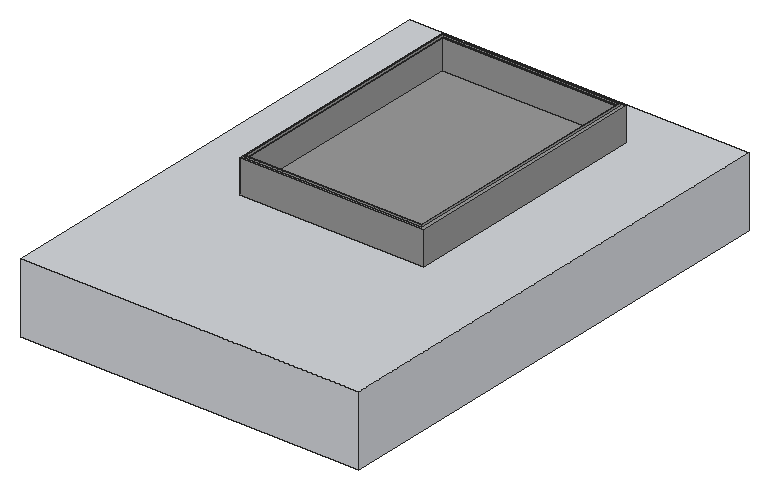
Revit family "Hager-Univers-IP44-D161-Cl.II-FWB-encl--CH-en", category Equipement électrique, Revit 2020
Family settings
  Hôte = Face
  Configuration du panneau = Deux colonnes, circuits au sein
  Cote de connecteur circulaire = Utiliser le diamètre
  Type d'élément = Tableau de raccordement
  Couper avec des vides une fois chargée = Non
  Partagée = Non
  Point de calcul de pièce = Non
Parameters (values of type "Surface mounted (plaster) IP44 W800 H1100 D161  - FWB73D1")
  Width Control [instance] = if([EF000008 - Width] > Min Width, [EF000008 - Width], Min Width)  # 800 mm
  Commentaires du type = [HG000003 - Range]  # "Univers"
  Thickness Door [instance] = if([EF009171 - Material plate thickness door/cover] > 3 mm, 3 mm, [EF009171 - Material plate thickness door/cover])  # 1 mm
  Seal Frame Offset [instance] = 17 mm  # constant formula
  Plinth Visibility [instance] = [HG000027 - Plinth height] > 0 mm  # no
  Model = ""
  Min Width [instance] = 100 mm  # constant formula
  Min Height [instance] = 100 mm  # constant formula
  Min Depth [instance] = (2 * [EF009170 - Material plate thickness cabinet]) + 1 mm  # 5 mm
  Internal Frame Depth [instance] = (Door System Depth * 0.5)  # 9 mm
  Height Control [instance] = if([EF000040 - Height] > Min Height, [EF000040 - Height], Min Height)  # 1100 mm
  HG000027 - Plinth height = 0 mm
  HG000026 - Floor standing = no
  HG000024 - Bottom section height = 800 mm
  HG000023 - Double section enclosure = no
  HG000016 - Door 3d visibility [instance] = yes
  HG000015 - Clearance visibility [instance] = no
  HG000014 - Door on the right [instance] = yes
  HG000013 - Door on the left [instance] = not([HG000014 - Door on the right])  # no
  HG000012 - Door swing angle [instance] = 30.00°
  HG000010 - Asymmetric doors = no
  HG000009 - Double swing door = no
  HG000006 - Flush mounted = no
  HG000004 - Manufacturer reference = "FWB73D1"
  HG000003 - Range = "Univers"
  HG000002 - With door or cover = no
  Frame Offset Bottom [instance] = 10 mm  # constant formula
  Frame Offset [instance] = 15 mm  # constant formula
  EF015940 - Cover with overpressure release = no
  EF011959 - Degree of protection (NEMA) = ""
  EF009554 - Number of openings for flange plates = 6
  EF009212 - Cover model = "EV009916 - With notch"
  EF009171 - Material plate thickness door/cover = 1 mm
  EF009170 - Material plate thickness cabinet = 2 mm
  Fabricant = "Hager"  # constant formula
  EF008873 - Nominal current (In) = 125 A
  EF007800 - Suitable for lightning protection = no
  EF006306 - With lock = no
  EF006244 - Transparent cover/door = no
  EF005474 - Degree of protection (IP) = "EV006418 - IP44"
  EF004464 - Type of door = "EV000494 - None"
  EF004427 - Number of modules = 252
  EF004293 - Impact strength = "EV006815 - IK09"
  EF003532 - Suitable for outdoor use = no
  EF002950 - Width in number of modular spacings = 12
  EF001613 - Circuit integrity = "EV000494 - None"
  EF001596 - Material housing = "EV000179 - Steel"
  EF001131 - Internal depth = 160 mm
  EF001088 - Extension possible = yes
  EF000437 - Number of conduit inlets = 12
  EF000339 - Type of cover = "EV004216 - Door"
  EF000266 - Number of rows = 0
  EF000218 - Built-in depth = 0 mm
  EF000118 - With mounting plate = no
  EF000116 - RAL-number = "9010"
  EF000049 - Depth = 161 mm
  EF000040 - Height = 1100 mm
  EF000008 - Width = 800 mm
  EF000007 - Colour = "EV000202 - White"
  EF000003 - Mounting method = "EV000384 - Surface mounted (plaster)"
  Door System Leaf Tolerance [instance] = 1.5 mm  # constant formula
  Door System Depth [instance] = 18 mm  # constant formula
  Door Height [instance] = Height Control - [HG000027 - Plinth height]  # 1100 mm
  Depth Control [instance] = if([EF000049 - Depth] > Min Depth, [EF000049 - Depth], Min Depth)  # 161 mm
  Default Elevation = 0 mm
  Connector Offset [instance] = Height Control / 2  # 550 mm
  Bottom Top Plate Trim [instance] = 1.5 mm  # constant formula
  Plinth height Ctrl [instance] = if([HG000027 - Plinth height] > 0 mm, [HG000027 - Plinth height], 12 mm)  # 12 mm
Reference planes
  plane 1 "Center (Front/Back)": y = 0
  plane 2: z = 0
  plane 3 "Center (Left/Right)": x = 0
  plane 4: z = 161
  plane 5: y = 2
  plane 6: y = 550
  plane 7: y = 0
  plane 8: y = 1100
  plane 9: z = 0
  plane 10: x = -385
  plane 11: x = 385
  plane 12: x = 383
  plane 13: x = -383
  plane 14: y = 1098
  plane 15: x = -383
  plane 16: x = -400
  plane 17: x = 383
  plane 18: x = 400
  plane 19: x = 398
  plane 20: x = -398
  plane 21: y = 12
  plane 22: y = 1100
  plane 23: y = 1083
  plane 24: z = 143
  plane 25: z = 2
  plane 26: z = 141
  plane 27: z = 159
Forms (mm)
  Extrusion 1, solid
    sketch origin (0, 0, 0) x (1, 0, 0) y (0, 1, 0)
      loop
        line (-702.964, 1305) -> (-702.964, -811.445) -> (766.763, -811.445) -> (766.763, 1305) -> (-702.964, 1305)
    from 0 to -304.8
  Extrusion 2, solid, material "Hager_Steel_RAL7035_Light_Grey", visible <- "Plinth Visibility", detail levels medium+fine
    sketch origin (0, 0, 0) x (1, 0, 0) y (0, 1, 0)
      loop
        line (-400, 0) -> (400, 0) -> (400, 12) -> (-400, 12) -> (-400, 0)
    from 0 to 143
  Extrusion 3, solid, material "Hager_Steel_RAL7035_Light_Grey", detail levels medium+fine
    sketch origin (0, 0, 0) x (1, 0, 0) y (0, 1, 0)
      loop
        line (-400, 0) -> (400, 0) -> (400, 1100) -> (-400, 1100) -> (-400, 0)
    from 0 to 143
  Extrusion 4, void
    sketch origin (0, 0, 0) x (1, 0, 0) y (0, 1, 0)
      loop
        line (-398, 2) -> (398, 2) -> (398, 1098) -> (-398, 1098) -> (-398, 2)
    from 2 to 141
  Extrusion 5, void
    sketch origin (-381.607, -4572, 143) x (0, -1, 0) y (-1, 0, 0)
      loop
        line (-4584, 1.393) -> (-5655, 1.393) -> (-5655, -764.607) -> (-4584, -764.607) -> (-4584, 1.393)
    from 0 to 2 <- "EF009170 - Material plate thickness cabinet"
  Extrusion 6, solid, material "Hager_Steel_RAL7035_Light_Grey", detail levels fine
    sketch origin (0, 0, 143) x (1, 0, 0) y (0, 1, 0)
      loop
        line (-383, 1083) -> (-383, 12) -> (383, 12) -> (383, 1083) -> (-383, 1083)
      loop
        line (-384, 11) -> (384, 11) -> (384, 1084) -> (-384, 1084) -> (-384, 11)
    from 0 to 9 <- "Internal Frame Depth"
  Extrusion 7, solid, material "Hager_Steel_RAL7035_Light_Grey", detail levels coarse
    sketch origin (0, 0, 0) x (1, 0, 0) y (0, 1, 0)
      loop
        line (-400, 0) -> (400, 0) -> (400, 1100) -> (-400, 1100) -> (-400, 0)
    from 0 to 161
  Sweep 8, void
    path in 3D
      loop
        line (-400, 12, 0) -> (400, 12, 0) -> (400, 12, 143) -> (-400, 12, 143) -> (-400, 12, 0)
    profile origin (-400, 12, 71.5) x (-1, 0, 0) y (0, -1, 0)
      loop
        line (0, 0) -> (0, 1.5) -> (-1.5, 1.5)
        arc (-1.5, 1.5) -> (-1.061, 0.439) -> (0, 0) r 1.5
Cuts and joins
  Extrusion 4, Extrusion 5 cuts Extrusion 3
  Sweep 8 cuts Extrusion 2
Lines and regions (mm)
  Masking region 1
    outline origin (0, 0, 0) x (1, 0, 0) y (0, 0, 1)
      loop
        line (-400, 161) -> (-400, 0) -> (400, 0) -> (400, 161) -> (-400, 161)
  Masking region 2, detail levels medium+fine
    outline origin (0, 140, 0) x (0, 1, 0) y (0, 0, 1)
      loop
        line (-140, 0) -> (960, 0) -> (960, 143) -> (-140, 143) -> (-140, 0)
  Masking region 3, not visible, detail levels medium+fine
    outline origin (0, 297.922, 0) x (0, 1, 0) y (0, 0, 1)
      loop
        line (263.578, 0) -> (303.578, 0) -> (303.578, 149)
        arc (303.578, 149) -> (300.649, 156.071) -> (293.578, 159) r 10
        line (293.578, 159) -> (263.578, 159) -> (263.578, 0)
  Masking region 4, detail levels coarse
    outline origin (0, 0, 180) x (0, 1, 0) y (0, 0, 1)
      loop
        line (0, -180) -> (1100, -180) -> (1100, -19) -> (0, -19) -> (0, -180)
  Masking region 5, visible <- "Plinth Visibility", detail levels medium+fine
    outline origin (0, 52.24, 12.345) x (0, 0, -1) y (0, 1, 0)
      loop
        line (10.845, -40.24) -> (-129.155, -40.24)
        arc (-129.155, -40.24) -> (-129.594, -41.301) -> (-130.655, -41.74) r 1.5
        line (-130.655, -41.74) -> (-130.655, -52.24) -> (12.345, -52.24) -> (12.345, -41.74)
        arc (12.345, -41.74) -> (11.285, -41.301) -> (10.845, -40.24) r 1.5
  Masking region 6, detail levels medium+fine
    outline origin (-381.607, -4572, 143) x (-1, 0, 0) y (0, -1, 0)
      loop
        line (18.393, -5672) -> (18.393, -4572) -> (-781.607, -4572) -> (-781.607, -5672) -> (18.393, -5672)
  Masking region 7, visible <- "Plinth Visibility", detail levels medium+fine
    outline origin (-381.607, -4727, 143) x (-1, 0, 0) y (0, -1, 0)
      loop
        arc (16.893, -4739) -> (17.332, -4737.939) -> (18.393, -4737.5) r 1.5
        line (18.393, -4737.5) -> (18.393, -4727) -> (-781.607, -4727) -> (-781.607, -4737.5)
        arc (-781.607, -4737.5) -> (-780.546, -4737.939) -> (-780.107, -4739) r 1.5
        line (-780.107, -4739) -> (16.893, -4739)
  Masking region 8, detail levels coarse
    outline origin (-442.548, -4669.526, 143) x (-1, 0, 0) y (0, -1, 0)
      loop
        line (-42.548, -5769.526) -> (-42.548, -4669.526) -> (-842.548, -4669.526) -> (-842.548, -5769.526) -> (-42.548, -5769.526)
  sketch lines
    curve 1: line (-400, 12, 143) -> (-400, 12, 0)
    curve 2: line (400, 12, 143) -> (-400, 12, 143)
    curve 3: line (400, 12, 143) -> (400, 12, 0)
    curve 4: line (-400, 12, 0) -> (400, 12, 0)
Dimensions and locks
  "Depth Control": plane 4 to Extrusion 1
  "HG000027 - Plinth height": plane 1 "Center (Front/Back)" to plane 7
  "EF009170 - Material plate thickness cabinet": plane 5 to plane 7
  locked: connector elem to plane 3 "Center (Left/Right)"
  equal spacing: plane 8, plane 6, plane 7
  locked: connector elem to plane 6
  "EF009170 - Material plate thickness cabinet": plane 8 to plane 14
  "EF009170 - Material plate thickness cabinet": plane 10 to plane 13
  "EF009170 - Material plate thickness cabinet": plane 12 to plane 11
  "Frame Offset": plane 20 to plane 13
  "Frame Offset": plane 12 to plane 19
  "EF009170 - Material plate thickness cabinet": plane 16 to plane 20
  "EF009170 - Material plate thickness cabinet": plane 19 to plane 18
  "Seal Frame Offset": plane 16 to plane 15
  "Seal Frame Offset": plane 17 to plane 18
  "Frame Offset Bottom": plane 21 to plane 5
  "Frame Offset": plane 14 to plane 23
  equal spacing: plane 16, plane 3 "Center (Left/Right)", plane 18
  "Width Control": plane 16 to plane 18
  "EF009170 - Material plate thickness cabinet": plane 4 to plane 27
  "EF009170 - Material plate thickness cabinet": plane 24 to plane 26
  "EF009170 - Material plate thickness cabinet": plane 25 to level
  "Door System Depth": plane 4 to plane 24
  "Height Control": plane 1 "Center (Front/Back)" to Extrusion 7 sketch curve
  "Height Control": Masking region 4 sketch curve to plane 1 "Center (Front/Back)"
  "Height Control": plane 1 "Center (Front/Back)" to plane 22
  "Bottom Top Plate Trim": profile plane to Sweep 8 sketch curve
  "Bottom Top Plate Trim": Sweep 8 sketch curve to profile plane
  "Plinth height Ctrl": plane 1 "Center (Front/Back)" to Extrusion 2 sketch curve
  "Plinth height Ctrl": Masking region 5 sketch curve to plane 1 "Center (Front/Back)"
  "Plinth height Ctrl": plane 1 "Center (Front/Back)" to Masking region 7 sketch curve
  "Thickness Door": Extrusion 6 sketch curve to Extrusion 6 sketch curve  (x3)
  "Thickness Door": cut or joined group of Extrusion 3, Extrusion 4, Extrusion 5 to Extrusion 6 sketch curve
  radius of Masking region 3 sketch curve = 10 mm
  "Bottom Top Plate Trim": radius of Masking region 5 sketch curve  (x2)
  "Bottom Top Plate Trim": radius of Sweep 8 sketch curve
  "Bottom Top Plate Trim": radius of Masking region 7 sketch curve  (x2)
  aligned and locked: plane 2 to Extrusion 1
  aligned and locked: level to Extrusion 1
  aligned and locked: level to Masking region 1 sketch curve
  aligned and locked: Masking region 1 sketch curve to plane 18
  aligned and locked: Masking region 1 sketch curve to plane 16
  aligned and locked: plane 7 to Masking region 2 sketch curve
  aligned and locked: level to Masking region 3 sketch curve
  aligned and locked: Masking region 3 sketch curve to plane 27
  aligned and locked: level to Masking region 2 sketch curve
  aligned and locked: plane 1 "Center (Front/Back)" to Extrusion 2 sketch curve
  aligned and locked: Extrusion 3 sketch curve to plane 7
  aligned and locked: plane 16 to Extrusion 3 sketch curve
  aligned and locked: plane 18 to Extrusion 3 sketch curve
  aligned and locked: plane 20 to Extrusion 4 sketch curve
  aligned and locked: plane 19 to Extrusion 4 sketch curve
  aligned and locked: Extrusion 4 sketch curve to plane 5
  aligned and locked: Extrusion 4 to plane 25
  aligned and locked: plane 26 to Extrusion 4
  aligned and locked: plane 24 to Extrusion 3
  aligned and locked: Extrusion 5 sketch curve to plane 21
  aligned and locked: Extrusion 5 sketch curve to plane 13
  aligned and locked: Extrusion 5 sketch curve to plane 12
  aligned and locked: plane 18 to Extrusion 7 sketch curve
  aligned and locked: plane 1 "Center (Front/Back)" to Extrusion 7 sketch curve
  aligned and locked: plane 16 to Extrusion 7 sketch curve
  aligned and locked: plane 4 to Extrusion 7
  aligned and locked: Extrusion 7 to level
  aligned and locked: level to Masking region 4 sketch curve
  aligned and locked: Masking region 4 sketch curve to plane 1 "Center (Front/Back)"
  aligned and locked: Masking region 4 sketch curve to plane 4
  aligned and locked: nested 1 to level
  aligned and locked: nested 1 to plane 16
  aligned and locked: plane 8 to Extrusion 3 sketch curve
  aligned and locked: plane 23 to Extrusion 5 sketch curve
  aligned and locked: plane 14 to Extrusion 4 sketch curve
  aligned and locked: Masking region 2 sketch curve to plane 8
  aligned and locked: level to Masking region 5 sketch curve
  aligned and locked: plane 16 to Extrusion 2 sketch curve
  aligned and locked: plane 18 to Extrusion 2 sketch curve
  aligned and locked: Masking region 5 sketch curve to plane 24
  aligned and locked: Masking region 2 sketch curve to plane 24
  aligned and locked: plane 24 to Extrusion 2
  aligned and locked: profile plane to Sweep 8 sketch curve  (x2)
  aligned and locked: Masking region 6 sketch curve to plane 18
  aligned and locked: Masking region 6 sketch curve to plane 22
  aligned and locked: Masking region 6 sketch curve to plane 16
  aligned and locked: plane 8 to plane 22
  aligned and locked: Masking region 6 sketch curve to plane 7
  aligned and locked: Masking region 7 sketch curve to plane 16
  aligned and locked: Masking region 7 sketch curve to plane 1 "Center (Front/Back)"
  aligned and locked: Masking region 7 sketch curve to plane 18
  aligned and locked: Masking region 8 sketch curve to plane 1 "Center (Front/Back)"
  aligned and locked: Masking region 8 sketch curve to plane 18
  aligned and locked: Masking region 8 sketch curve to plane 22
  aligned and locked: Masking region 8 sketch curve to plane 16
  aligned and locked: nested 2 to plane 7
  aligned and locked: plane 3 "Center (Left/Right)" to nested 2
  aligned and locked: nested 2 to plane 24
  aligned and locked: Extrusion 6 sketch curve to cut or joined group of Extrusion 3, Extrusion 4, Extrusion 5  (x4)
Automatic sketch dimensions
  Extrusion 1 sketch curve to Extrusion 1 sketch curve = 1469.727 mm
  Extrusion 1 sketch curve to Extrusion 1 sketch curve = 2116.445 mm
  Masking region 1 sketch curve to plane 4 = 0 mm
  plane 6 to Masking region 3 sketch curve = 11.5 mm
  Masking region 3 sketch curve to Masking region 3 sketch curve = 30 mm
  Masking region 5 sketch curve to plane 1 "Center (Front/Back)" = 0 mm
Nested families
  nested 1: "Hager_Enclosure_Symbol" at (-400, 0, 0) x (1, 0, 0) z (0, -1, 0), Height <- "Depth Control", Width <- "Width Control", type "Hager_Enclosure_Symbol"
    with Width_Ctrl 800 mm, Width 800 mm, Height_Ctrl 161 mm, Height 161 mm, A_Width_Int 10.566 mm, A_Width 126.788 mm, A_Height_Ctrl 140.875 mm, A_Height 140.875 mm
  nested 2: "EC000058_Univers_Door" at (0, 0, 143) x (1, 0, 0) z (0, 1, 0), Leaf_Tolerance <- "Door System Leaf Tolerance", Angle <- "HG000012 - Door swing angle", Door_Depth <- "Door System Depth", Door_Left <- "HG000013 - Door on the left", Transparent <- "EF006244 - Transparent cover/door", Assymetrical <- "HG000010 - Asymmetric doors", Width <- "Width Control", Clearance <- "HG000015 - Clearance visibility", Double <- "HG000009 - Double swing door", 3d_Door <- "HG000016 - Door 3d visibility", Lock_Visibility <- "EF006306 - With lock", Width_Ctrl <- "Width Control", Door_Right <- "HG000014 - Door on the right", Door <- "HG000002 - With door or cover", Height <- "Door Height", Thickness <- "Thickness Door", type "EC000058_Univers_Door", detail levels medium+fine
    with min_wh 3 mm, Width_Ctrl 800 mm, Width 800 mm, Transparent no, Thickness 1 mm, Seal_Material Hager_Rubber, Lock_Visibility no, Lock_Material Hager_Plastic_RAL9005_Jet_Black, Leaf_Width 800 mm, Leaf_Tolerance_External_Sides 0 mm, Leaf_Tolerance 1.5 mm, Leaf_Offset 0 mm, Leaf_Height 1097 mm, Leaf_2_Width 800 mm, Leaf_2_Offset 400 mm, Leaf_1_Width 800 mm, Leaf_1_Offset 400 mm, Height_Ctrl 1100 mm, Height 1100 mm, Glass_Material Hager_Glass, Double_Clearance_Ctrl no, Double no, Door_Right_Ctrl no, Door_Right yes, Door_Material Hager_Steel_RAL7035_Light_Grey, Door_Left_Ctrl no, Door_Left no, Door_Depth 18 mm, Door no, Clearance_Material Hager_Clearance, Clearance_Depth 800 mm, Clearance_Ctrl no, Clearance no, Assymetrical no, Angle 30.00°, 3d_Door yes
Connectors
  electrical at (0, 550, 0)
    settings: on plane 9, index 1, voltage 0 V, apparent load 0 VA, apparent load phase1 0 VA, apparent load phase2 0 VA, apparent load phase3 0 VA, power factor 1, load classification "Other", number of poles 1, system type 30, power factor state 1, is connector primary yes, connector utility no, sub classification motor no, connector description ""
Definition of nested family "Hager_Enclosure_Symbol"
  Parameters (values of type "Hager_Enclosure_Symbol")
    Width_Ctrl [instance] = if(Width > 1 mm, Width, 1 mm)  # 102.27 mm
    Width [instance] = 102.27 mm
    Height_Ctrl [instance] = if(Height > 1 mm, Height, 1 mm)  # 66.5 mm
    A_Width_Int [instance] = if(A_Width / 12 > 2 mm, A_Width / 12, 2 mm)  # 4.364 mm
    A_Width [instance] = if(A_Height_Ctrl * 0.9 > 2 mm, A_Height_Ctrl * 0.9, 2 mm)  # 52.369 mm
    A_Height_Ctrl [instance] = if(A_Height > 2 mm, A_Height, 2 mm)  # 58.188 mm
    Height [instance] = 66.5 mm
    A_Height [instance] = Height - (Height / 8)  # 58.188 mm
  Reference planes
    plane 1 "Centre (avant/arrière)": y = 0
    plane 2: z = 0
    plane 3 "Centre (gauche/droite)": x = 0
    plane 4: x = 52.369
    plane 5: y = 33.042
    plane 6: y = 41.77
    plane 7: y = 66.5
    plane 8: x = 26.184
    plane 9: y = 37.406
    plane 10: x = 102.27
    plane 11: y = 66.5
    plane 12: y = 8.313
  Lines and regions (mm)
    Filled region 1, type "Solid_Black", in view "Niveau de réf."
      outline origin (0, 0, 0) x (1, 0, 0) y (0, 1, 0)
        loop
          line (52.369, 66.5) -> (33.188, 54.536) -> (45.365, 45.006) -> (52.369, 66.5)
    Filled region 2, type "Solid_Black", in view "Niveau de réf."
      outline origin (0, 0, 0) x (1, 0, 0) y (0, 1, 0)
        loop
          line (0, 0) -> (102.27, 0) -> (102.27, 66.5) -> (0, 0)
    detail lines, in view "Niveau de réf."
      curve 1: line (0, 8.313, 0) -> (26.184, 41.77, 0)
      curve 2: line (26.184, 41.77, 0) -> (26.184, 33.042, 0)
      curve 3: line (26.184, 33.042, 0) -> (52.369, 66.5, 0)
  Dimensions and locks
    "A_Width": plane 3 "Centre (gauche/droite)" to plane 4
    equal spacing: plane 3 "Centre (gauche/droite)", plane 8, plane 4
    equal spacing: plane 6, plane 9, plane 5
    equal spacing: curve 3, Filled region 1 sketch curve, Filled region 1 sketch curve
    "Height_Ctrl": plane 1 "Centre (avant/arrière)" to plane 11
    "A_Height_Ctrl": plane 11 to plane 12
    equal spacing: plane 11, plane 9, plane 12
    "A_Width_Int": plane 6 to plane 9
    "Width_Ctrl": plane 3 "Centre (gauche/droite)" to plane 10
    angle Filled region 1 sketch curve to curve 3 = 20.00°
    angle curve 3 to Filled region 1 sketch curve = 20.00°
    locked: curve 3 to Filled region 1 sketch curve (angle 90.00°)
    aligned and locked: plane 10 to Filled region 2
    aligned and locked: plane 11 to Filled region 2 sketch curve
    aligned and locked: plane 10 to Filled region 2 sketch curve
    aligned and locked: plane 3 "Centre (gauche/droite)" to curve 1
    aligned and locked: plane 12 to curve 1
    aligned and locked: plane 7 to plane 11
  Automatic sketch dimensions
    Filled region 1 sketch curve to plane 4 = 0 mm
    Filled region 1 sketch curve to plane 7 = 0 mm
    plane 1 "Centre (avant/arrière)" to Filled region 2 sketch curve = 0 mm
    Filled region 2 sketch curve to plane 3 "Centre (gauche/droite)" = 0 mm
    curve 2 to plane 6 = 0 mm
    curve 2 to plane 8 = 0 mm
    curve 3 to plane 4 = 0 mm
    curve 2 to plane 5 = 0 mm
    curve 3 to plane 7 = 0 mm
Definition of nested family "EC000058_Univers_Door"
  Parameters (values of type "EC000058_Univers_Door")
    min_wh [instance] = (2 * Thickness) + 1 mm  # 11 mm
    Width_Ctrl [instance] = 400 mm
    Width [instance] = 500 mm
    Transparent [instance] = yes
    Thickness [instance] = 5 mm
    Seal_Material [instance] = none
    Lock_Visibility [instance] = yes
    Lock_Material [instance] = none
    Leaf_Width [instance] = if((Width_Ctrl - 2 * Leaf_Tolerance_External_Sides) > 0 mm, (Width_Ctrl - 2 * Leaf_Tolerance_External_Sides), min_wh)  # 400 mm
    Leaf_Tolerance_External_Sides [instance] = 0 mm  # constant formula
    Leaf_Tolerance [instance] = 1.5 mm
    Leaf_Offset [instance] = 0 mm  # constant formula
    Leaf_Height [instance] = if((Height_Ctrl - 2 * Leaf_Tolerance) > 0 mm, (Height_Ctrl - 2 * Leaf_Tolerance), min_wh)  # 497 mm
    Leaf_2_Width [instance] = if(and(and(Double, Assymetrical), Door_Left), (Leaf_Width / 3) - (Leaf_Tolerance / 2), if(and(and(Double, Assymetrical), Door_Right), (Leaf_Width / 3) * 2 - (Leaf_Tolerance / 2), if(and(Double, not(Assymetrical)), (Leaf_Width / 2) - Leaf_Tolerance, Leaf_Width)))  # 400 mm
    Leaf_2_Offset [instance] = if(and(Double, Assymetrical), Leaf_2_Width / 2, if(and(Double, not(Assymetrical)), Leaf_Width / 4, Leaf_Width / 2))  # 200 mm
    Leaf_1_Width [instance] = if(and(and(Double, Assymetrical), Door_Right), (Leaf_Width / 3) - (Leaf_Tolerance / 2), if(and(and(Double, Assymetrical), Door_Left), (Width / 3) * 2 - (Leaf_Tolerance / 2), if(and(Double, not(Assymetrical)), (Leaf_Width / 2) - Leaf_Tolerance, Leaf_Width)))  # 400 mm
    Leaf_1_Offset [instance] = if(and(Double, Assymetrical), Leaf_1_Width / 2, if(and(Double, not(Assymetrical)), Leaf_Width / 4, Leaf_Width / 2))  # 200 mm
    Height_Ctrl [instance] = if(Height > min_wh, Height, min_wh)  # 500 mm
    Height [instance] = 500 mm
    Glass_Material [instance] = none
    Double_Clearance_Ctrl [instance] = and(Double, Clearance)  # no
    Double [instance] = no
    Door_Right_Ctrl [instance] = and(or(Door_Right, Double), Door)  # yes
    Door_Right [instance] = yes
    Door_Material [instance] = none
    Door_Left_Ctrl [instance] = and(or(Door_Left, Double), Door)  # no
    Door_Left [instance] = no
    Door_Depth [instance] = 30 mm
    Door [instance] = yes
    Default Elevation = 1219.2 mm
    Clearance_Material [instance] = none
    Clearance_Depth [instance] = if(Leaf_1_Width > Leaf_2_Width, Leaf_1_Width, Leaf_2_Width)  # 400 mm
    Clearance_Ctrl [instance] = and(not(Double), Clearance)  # yes
    Clearance [instance] = yes
    Assymetrical [instance] = yes
    Angle [instance] = 30.00°
    3d_Door [instance] = yes
  Reference planes
    plane 1 "Center (Front/Back)": y = 0
    plane 2 "Bottom": z = 0
    plane 3 "Center (Left/Right)": x = 0
    plane 4: z = 500
    plane 5: x = -200
    plane 6: x = 200
    plane 7: z = 500
    plane 8: x = -200
    plane 9: z = 0
    plane 10: x = 200
    plane 11: y = 0
    plane 12: z = 1.5
    plane 13: x = -600
    plane 14: y = -400
    plane 15: x = 600
    plane 16: x = 0
    plane 17: x = 0
    plane 18: x = -200
    plane 19: x = 200
    plane 20: z = 498.5
  Forms (mm)
    Extrusion 1, solid, material <- "Clearance_Material", visible <- "Double_Clearance_Ctrl"
      sketch origin (1200, 0, 0) x (1, 0, 0) y (0, 0, -1)
        loop
          line (-1800, -498.5) -> (-600, -498.5) -> (-600, 0) -> (-1800, 0) -> (-1800, -498.5)
      from 0 to -400
  Dimensions and locks
    equal spacing: plane 5, plane 3 "Center (Left/Right)", plane 6
    "Width_Ctrl": plane 5 to plane 6
    "Leaf_Offset": plane 5 to plane 8
    "Leaf_Offset": plane 6 to plane 10
    "Leaf_Offset": plane 9 to level
    "Leaf_Offset": plane 4 to plane 7
    "Height_Ctrl": plane 4 to level
    "Leaf_Tolerance": plane 12 to plane 9
    locked: plane 11 to plane 1 "Center (Front/Back)"
    "Leaf_1_Offset": plane 18 to plane 16
    "Leaf_2_Offset": plane 17 to plane 19
    "Leaf_1_Width": plane 13 to plane 8
    "Leaf_2_Width": plane 10 to plane 15
    "Clearance_Depth": plane 14 to plane 1 "Center (Front/Back)"
    "Leaf_Tolerance_External_Sides": plane 8 to plane 18
    "Leaf_Tolerance_External_Sides": plane 19 to plane 10
    "Leaf_Tolerance": plane 7 to plane 20
    aligned and locked: level to plane 2 "Bottom"
    aligned and locked: nested 1 to plane 16
    aligned and locked: nested 2 to plane 17
    aligned and locked: Extrusion 1 to plane 13
    aligned and locked: plane 15 to Extrusion 1
    aligned and locked: Extrusion 1 to plane 14
    aligned and locked: plane 12 to nested 1
    aligned and locked: nested 2 to plane 12
    aligned and locked: Extrusion 1 to plane 11
    aligned and locked: plane 20 to Extrusion 1
    aligned and locked: nested 2 to plane 11
    aligned and locked: nested 1 to plane 11
  Automatic sketch dimensions
    Extrusion 1 sketch curve to level = 0 mm
    plane 5 to Extrusion 1 sketch curve = 400 mm
    plane 6 to Extrusion 1 sketch curve = 400 mm
    Extrusion 1 sketch curve to plane 4 = 1.5 mm
  Nested families
    nested 1: "EC000058_Univers_Door_Leaf" at (0, 0, 1.5), Width <- "Leaf_1_Width", visible <- "Door_Left_Ctrl", Leaf_Height <- "Leaf_Height", Angle <- "Angle", 3d_Door <- "3d_Door", Transparent <- "Transparent", Clearance Material <- "Clearance_Material", Clearance <- "Clearance_Ctrl", Door_Material <- "Door_Material", Glass_Material <- "Glass_Material", Door_Depth <- "Door_Depth", Lock_Material <- "Lock_Material", Seal_Material <- "Seal_Material", Lock_Visibility <- "Lock_Visibility", Thickness <- "Thickness", type "EC000058_Univers_Door_Leaf"
      with Width 400 mm, Transparent_Glass_Offset 30 mm, Transparent_Ctrl yes, Transparent yes, Thickness 5 mm, Standard no, Seal_Material none, Seal_D2 8 mm, Seal_D1 1 mm, Offset_Internal_Frame 10 mm, Lock_Width 20 mm, Lock_Visibility_3d yes, Lock_Visibility yes, Lock_Thickness_3 3 mm, Lock_Thickness_2 1 mm, Lock_Thickness_1 3 mm, Lock_Radius_Offset_2 16 mm, Lock_Radius_Offset_1 15 mm, Lock_Radius_2 5 mm, Lock_Radius 6 mm, Lock_Offset 5 mm, Lock_Material none, Lock_Height 80 mm, Lock_Cover_Top_Offset_2d 17 mm, Lock_Cover_Height -65 mm, Leaf_Height 497 mm, Internal_Seal_Thickness 8 mm, Internal_Seal_Depth_2 4.5 mm, Internal_Frame_Depth 25 mm, Glass_Thickness -1 mm, Glass_Offset -2 mm, Glass_Material none, Door_Material none, Door_Depth 30 mm, Clearance Material none, Clearance yes, Angle_Ctrl 30.00°, Angle 30.00°, 3d_Door yes
    nested 2: "EC000058_Univers_Door_Leaf" at (0, 0, 1.5) x (-1, 0, 0) z (0, 0, 1), Width <- "Leaf_2_Width", visible <- "Door_Right_Ctrl", Leaf_Height <- "Leaf_Height", Angle <- "Angle", 3d_Door <- "3d_Door", Transparent <- "Transparent", Clearance Material <- "Clearance_Material", Clearance <- "Clearance_Ctrl", Door_Material <- "Door_Material", Glass_Material <- "Glass_Material", Door_Depth <- "Door_Depth", Lock_Material <- "Lock_Material", Seal_Material <- "Seal_Material", Lock_Visibility <- "Lock_Visibility", Thickness <- "Thickness", type "EC000058_Univers_Door_Leaf"
      with Width 400 mm, Transparent_Glass_Offset 30 mm, Transparent_Ctrl yes, Transparent yes, Thickness 5 mm, Standard no, Seal_Material none, Seal_D2 8 mm, Seal_D1 1 mm, Offset_Internal_Frame 10 mm, Lock_Width 20 mm, Lock_Visibility_3d yes, Lock_Visibility yes, Lock_Thickness_3 3 mm, Lock_Thickness_2 1 mm, Lock_Thickness_1 3 mm, Lock_Radius_Offset_2 16 mm, Lock_Radius_Offset_1 15 mm, Lock_Radius_2 5 mm, Lock_Radius 6 mm, Lock_Offset 5 mm, Lock_Material none, Lock_Height 80 mm, Lock_Cover_Top_Offset_2d 17 mm, Lock_Cover_Height -65 mm, Leaf_Height 497 mm, Internal_Seal_Thickness 8 mm, Internal_Seal_Depth_2 4.5 mm, Internal_Frame_Depth 25 mm, Glass_Thickness -1 mm, Glass_Offset -2 mm, Glass_Material none, Door_Material none, Door_Depth 30 mm, Clearance Material none, Clearance yes, Angle_Ctrl 30.00°, Angle 30.00°, 3d_Door yes
  Definition of nested family "EC000058_Univers_Door_Leaf"
    Parameters (values of type "EC000058_Univers_Door_Leaf")
      Width [instance] = 2000 mm
      Transparent_Glass_Offset [instance] = 30 mm
      Transparent_Ctrl [instance] = and(Transparent, [3d_Door])  # yes
      Transparent [instance] = yes
      Thickness [instance] = 5 mm
      Standard [instance] = and(not(Transparent), [3d_Door])  # no
      Seal_Material [instance] = none
      Seal_D2 [instance] = 8 mm  # constant formula
      Seal_D1 [instance] = 1 mm  # constant formula
      Offset_Internal_Frame [instance] = 10 mm  # constant formula
      Lock_Width [instance] = 20 mm  # constant formula
      Lock_Visibility_3d [instance] = and(Lock_Visibility, [3d_Door])  # yes
      Lock_Visibility [instance] = yes
      Lock_Thickness_3 [instance] = 3 mm  # constant formula
      Lock_Thickness_2 [instance] = 1 mm  # constant formula
      Lock_Thickness_1 [instance] = 3 mm  # constant formula
      Lock_Radius_Offset_2 [instance] = Lock_Radius_Offset_1 + 1 mm  # 16 mm
      Lock_Radius_Offset_1 [instance] = 15 mm  # constant formula
      Lock_Radius_2 [instance] = Lock_Radius - 1 mm  # 5 mm
      Lock_Radius [instance] = 6 mm  # constant formula
      Lock_Offset [instance] = 5 mm  # constant formula
      Lock_Material [instance] = none
      Lock_Height [instance] = 80 mm  # constant formula
      Lock_Cover_Top_Offset_2d [instance] = Lock_Radius_Offset_2 + 1 mm  # 17 mm
      Lock_Cover_Height [instance] = -(Lock_Height - Lock_Radius_Offset_1)  # -65 mm
      Leaf_Height [instance] = 2720.336 mm
      Internal_Seal_Thickness [instance] = 8 mm  # constant formula
      Internal_Seal_Depth_2 [instance] = 4.5 mm  # constant formula
      Internal_Frame_Depth [instance] = if(Door_Depth - Thickness > 5 mm, Door_Depth - Thickness, 5 mm)  # 25 mm
      Glass_Thickness [instance] = if(Thickness > 15 mm, Glass_Offset + 10 mm, -1 mm)  # -1 mm
      Glass_Offset [instance] = if(Thickness > 15 mm, -(Thickness + 10 mm) / 2, -2 mm)  # -2 mm
      Glass_Material [instance] = none
      Door_Material [instance] = none
      Door_Depth [instance] = 30 mm
      Default Elevation = 0 mm
      Clearance Material [instance] = none
      Clearance [instance] = yes
      Angle_Ctrl [instance] = if(Angle > 180.00°, 180.00°, Angle)  # 90.00°
      Angle [instance] = 90.00°
      3d_Door [instance] = yes
    Reference planes
      plane 1 "Center (Front/Back)": y = 0
      plane 2: z = 0
      plane 3 "Center (Left/Right)": x = 0
      plane 4: y = 2000
      plane 5: x = -1000
      plane 6: x = 1000
      plane 7: x = -3000
      plane 8: z = 2720.336
      plane 9: z = 30
      plane 10: z = 2690.336
      plane 11: x = 970
      plane 12: x = -970
      plane 13: y = -3
      plane 14: z = 107.833
      plane 15: y = -5
      plane 16: y = -223.314
      plane 17: x = -1000
      plane 18: z = 1360.168
      plane 19: y = 30
    Forms (mm)
      Extrusion 1, solid, material <- "Clearance Material", visible <- "Clearance"
        sketch origin (0, 0, 0) x (1, 0, 0) y (0, 0, 1)
          loop
            line (-3000, 2720.336) -> (-3000, 0) -> (1000, 0) -> (1000, 2720.336) -> (-3000, 2720.336)
        from 0 to -2000
      Extrusion 2, solid, material <- "Door_Material", visible <- "Standard", detail levels medium+fine
        sketch origin (-1000, 0, 0) x (0, 1, 0) y (-1, 0, 0)
          loop
            line (0, 30) -> (0, 25) -> (2000, 25) -> (2000, 30) -> (0, 30)
        from 0 to 2720.336 <- "Leaf_Height"
      Extrusion 3, solid, material <- "Door_Material", visible <- "Transparent_Ctrl", detail levels medium+fine
        sketch origin (-1000, 0, 0) x (0, 1, 0) y (-1, 0, 0)
          loop
            line (0, 25) -> (2000, 25) -> (2000, 30) -> (0, 30) -> (0, 25)
        from 0 to 2720.336 <- "Leaf_Height"
      Extrusion 4, void
        sketch origin (-1025, 2000, 0) x (0, 1, 0) y (0, 0, -1)
          loop
            line (-30, -2690.336) -> (-30, -30) -> (-1970, -30) -> (-1970, -2690.336) -> (-30, -2690.336)
        from 0 to 5 <- "Thickness"
      Sweep 5, solid, material <- "Seal_Material", visible <- "Transparent_Ctrl", detail levels fine
        path in 3D
          loop
            line (-1025, 30, 30) -> (-1025, 30, 2690.336) -> (-1025, 1970, 2690.336) -> (-1025, 1970, 30) -> (-1025, 30, 30)
        profile origin (-1025, 1000, 30) x (1, 0, 0) y (0, 0, 1)
          loop
            line (0, 0) -> (0, -8) -> (1, -8) -> (1, 0) -> (0, 0)
      Extrusion 6, solid, material <- "Glass_Material", visible <- "Transparent_Ctrl", detail levels medium+fine
        sketch origin (-1030, 0, 0) x (0, 1, 0) y (0, 0, -1)
          loop
            line (1970, -2690.336) -> (1970, -30) -> (30, -30) -> (30, -2690.336) -> (1970, -2690.336)
        from -2 <- "Glass_Offset" to -1 <- "Glass_Thickness"
      Extrusion 7, solid, material <- "Door_Material", visible <- "3d_Door", detail levels medium+fine
        sketch origin (-1025, 2000, 0) x (0, -1, 0) y (0, 0, -1)
          loop
            line (0, -2720.336) -> (2000, -2720.336) -> (2000, 0) -> (0, 0) -> (0, -2720.336)
          loop
            line (1995, -5) -> (5, -5) -> (5, -2715.336) -> (1995, -2715.336) -> (1995, -5)
        from 0 to 25 <- "Internal_Frame_Depth"
      Sweep 8, solid, material <- "Seal_Material", visible <- "Transparent_Ctrl", detail levels fine
        path in 3D
          loop
            line (-1025, 0, 0) -> (-1025, 2000, 0) -> (-1025, 2000, 2720.336) -> (-1025, 0, 2720.336) -> (-1025, 0, 0)
        profile origin (-1025, 0, 1360.168) x (1, 0, 0) y (0, 1, 0)
          loop
            line (0, 10) -> (2.975, 10)
            arc (2.975, 10) -> (4.053, 10.447) -> (4.5, 11.525) r 1.525
            line (4.5, 11.525) -> (4.5, 16.527)
            arc (4.5, 16.527) -> (4.069, 17.569) -> (3.027, 18) r 1.473
            line (3.027, 18) -> (0, 18) -> (0, 10)
      Extrusion 9, solid, material <- "Lock_Material", visible <- "Lock_Visibility_3d", detail levels fine
        sketch origin (-1030, 0, 0) x (0, 1, 0) y (0, 0, -1)
          loop
            arc (1993.5, -1400.168) -> (1994.561, -1399.729) -> (1995, -1398.668) r 1.5
            line (1995, -1398.668) -> (1995, -1320.168) -> (1975, -1320.168) -> (1975, -1398.668)
            arc (1975, -1398.668) -> (1975.439, -1399.729) -> (1976.5, -1400.168) r 1.5
            line (1976.5, -1400.168) -> (1993.5, -1400.168)
        from 3 <- "Lock_Thickness_1" to 0
      Blend 10, solid, material <- "Lock_Material", visible <- "Lock_Visibility_3d", detail levels fine
        base sketch origin (-1033, 0, 0) x (0, 1, 0) y (0, 0, -1)
          loop
            line (1975, -1320.168) -> (1975, -1398.668)
            arc (1975, -1398.668) -> (1975.439, -1399.729) -> (1976.5, -1400.168) r 1.5
            line (1976.5, -1400.168) -> (1993.5, -1400.168)
            arc (1993.5, -1400.168) -> (1994.561, -1399.729) -> (1995, -1398.668) r 1.5
            line (1995, -1398.668) -> (1995, -1320.168) -> (1975, -1320.168)
        top sketch origin (-1033, 0, 0) x (0, 1, 0) y (0, 0, -1)
          loop
            line (1976, -1320.168) -> (1976, -1398.668)
            arc (1976, -1398.668) -> (1976.146, -1399.022) -> (1976.5, -1399.168) r 0.5
            line (1976.5, -1399.168) -> (1993.5, -1399.168)
            arc (1993.5, -1399.168) -> (1993.854, -1399.022) -> (1994, -1398.668) r 0.5
            line (1994, -1398.668) -> (1994, -1320.168) -> (1976, -1320.168)
        from 0 to 1 <- "Lock_Thickness_2"
      Blend 11, solid, material <- "Lock_Material", visible <- "Lock_Visibility_3d", detail levels fine
        base sketch origin (-1034, 0, 0) x (0, 1, 0) y (0, 0, -1)
          loop
            line (1978, -1320.168) -> (1978, -1384.168)
            arc (1978, -1384.168) -> (1985, -1391.168) -> (1992, -1384.168) r 7
            line (1992, -1384.168) -> (1992, -1320.168) -> (1978, -1320.168)
        top sketch origin (-1034, 0, 0) x (0, 1, 0) y (0, 0, -1)
          loop
            line (1991, -1320.168) -> (1979, -1320.168) -> (1979, -1383.168)
            arc (1979, -1383.168) -> (1985, -1389.168) -> (1991, -1383.168) r 6
            line (1991, -1383.168) -> (1991, -1320.168)
        from 0 to 3 <- "Lock_Thickness_3"
      Extrusion 12, solid, material <- "Lock_Material", visible <- "Lock_Visibility_3d", detail levels fine
        sketch origin (-1030, 1975, 1320.168) x (1, 0, 0) y (0, -1, 0)
          loop
            line (-7, -19) -> (-7, -1) -> (0, -1) -> (0, 0) -> (-8, 0) -> (-8, -20) -> (0, -20) -> (0, -19) -> (-7, -19)
        from 0 to -65 <- "Lock_Cover_Height"
      Extrusion 13, void
        sketch origin (-1038, 1995, 1320.168) x (-1, 0, 0) y (0, 0, -1)
          loop
            line (-5, -65) -> (0, -65) -> (-5, -60) -> (-5, -65)
        from 0 to 20 <- "Lock_Width"
      Extrusion 14, void
        sketch origin (-1038, 1975, 1320.168) x (0, -1, 0) y (0, 0, -1)
          loop
            circle (-10, -15.995) r 6
          loop
            circle (-10, -15.995) r 5
        from 0 to 2
      Extrusion 15, solid, material <- "Lock_Material", visible <- "Lock_Visibility_3d", detail levels medium
        sketch origin (-1030, 0, 0) x (0, 1, 0) y (0, 0, -1)
          loop
            arc (1993.5, -1400.168) -> (1994.561, -1399.729) -> (1995, -1398.668) r 1.5
            line (1995, -1398.668) -> (1995, -1320.168) -> (1975, -1320.168) -> (1975, -1398.668)
            arc (1975, -1398.668) -> (1975.439, -1399.729) -> (1976.5, -1400.168) r 1.5
            line (1976.5, -1400.168) -> (1993.5, -1400.168)
        from 8 to 0
    Cuts and joins
      Extrusion 4 cuts Extrusion 3
      Extrusion 13, Extrusion 14 cuts Extrusion 9
      Extrusion 14 cuts Blend 11
      Extrusion 13, Extrusion 14 cuts Extrusion 12
      joined: Extrusion 9, Blend 10, Blend 11, Extrusion 12
      Extrusion 14 cuts Extrusion 15
    Lines and regions (mm)
      Masking region 1, visible <- "Lock_Visibility", detail levels fine
        outline origin (0, 0, 0) x (0, 1, 0) y (0, 0, 1)
          loop
            line (30, 1320.168) -> (33, 1320.168) -> (33, 1400.168) -> (30, 1400.168) -> (30, 1320.168)
      Masking region 2, visible <- "Lock_Visibility", detail levels fine
        outline origin (0, 3.143, 0) x (0, 1, 0) y (0, 0, 1)
          loop
            line (29.857, 1354.168) -> (30.857, 1354.168) -> (30.857, 1366.168) -> (29.857, 1366.168) -> (29.857, 1354.168)
      Masking region 3, detail levels medium+fine
        outline origin (0, 0, 0) x (0, 1, 0) y (0, 0, 1)
          loop
            line (0, 0) -> (30, 0) -> (30, 2720.336) -> (0, 2720.336) -> (0, 0)
      Masking region 4, detail levels medium+fine
        outline origin (0, 0, 0) x (1, 0, 0) y (0, 0, 1)
          loop
            line (-1000, 2720.336) -> (-1000, 0) -> (1000, 0) -> (1000, 2720.336) -> (-1000, 2720.336)
      Masking region 5, visible <- "Lock_Visibility", detail levels fine
        outline origin (-47.116, 0, 0) x (1, 0, 0) y (0, 0, 1)
          loop
            arc (1024.616, 1399.168) -> (1023.556, 1398.729) -> (1023.116, 1397.668) r 1.5
            line (1023.116, 1397.668) -> (1023.116, 1320.168) -> (1041.116, 1320.168) -> (1041.116, 1397.668)
            arc (1041.116, 1397.668) -> (1040.677, 1398.729) -> (1039.616, 1399.168) r 1.5
            line (1039.616, 1399.168) -> (1024.616, 1399.168)
      Masking region 6, visible <- "Lock_Visibility", detail levels medium+fine
        outline origin (-25, 0, 0) x (1, 0, 0) y (0, 0, 1)
          loop
            arc (1001.5, 1400.168) -> (1000.439, 1399.729) -> (1000, 1398.668) r 1.5
            line (1000, 1398.668) -> (1000, 1320.168) -> (1020, 1320.168) -> (1020, 1398.668)
            arc (1020, 1398.668) -> (1019.561, 1399.729) -> (1018.5, 1400.168) r 1.5
            line (1018.5, 1400.168) -> (1001.5, 1400.168)
      Masking region 7, visible <- "Lock_Visibility", detail levels fine
        outline origin (-73.735, 0, 0) x (1, 0, 0) y (0, 0, 1)
          loop
            line (1051.735, 1382.168) -> (1065.735, 1382.168) -> (1065.735, 1384.168)
            arc (1065.735, 1384.168) -> (1058.735, 1391.168) -> (1051.735, 1384.168) r 7
            line (1051.735, 1384.168) -> (1051.735, 1382.168)
      Masking region 8, visible <- "Lock_Visibility", detail levels fine
        outline origin (-73.735, 0, 0) x (1, 0, 0) y (0, 0, 1)
          loop
            line (1052.735, 1382.168) -> (1064.735, 1382.168) -> (1064.735, 1383.168)
            arc (1064.735, 1383.168) -> (1058.735, 1389.168) -> (1052.735, 1383.168) r 6
            line (1052.735, 1383.168) -> (1052.735, 1382.168)
      Masking region 9, visible <- "Lock_Visibility", detail levels fine
        outline origin (-25, 0, 0) x (1, 0, 0) y (0, 0, 1)
          loop
            line (1020, 1320.168) -> (1020, 1382.168) -> (1000, 1382.168) -> (1000, 1320.168) -> (1020, 1320.168)
      Masking region 10, detail levels medium+fine
        outline origin (0, 0, 0) x (1, 0, 0) y (0, 0, 1)
          loop
            circle (985, 1335.144) r 6
      Masking region 11, detail levels fine
        outline origin (0, 0, 0) x (1, 0, 0) y (0, 0, 1)
          loop
            circle (985, 1335.144) r 5
      Masking region 12, visible <- "Lock_Visibility", detail levels fine
        outline origin (0, 12.767, 0) x (0, 1, 0) y (0, 0, 1)
          loop
            line (20.233, 1320.168) -> (21.233, 1320.168) -> (21.233, 1399.168) -> (20.233, 1400.168) -> (20.233, 1320.168)
      Masking region 13, visible <- "Lock_Visibility", detail levels fine
        outline origin (0, 13.767, -10) x (0, 1, 0) y (0, 0, 1)
          loop
            line (20.233, 1330.168) -> (23.233, 1330.168) -> (23.233, 1399.168) -> (20.233, 1402.168) -> (20.233, 1330.168)
      Masking region 14, visible <- "Lock_Visibility", detail levels fine
        outline origin (0, 12.767, -10) x (0, 1, 0) y (0, 0, 1)
          loop
            line (20.233, 1330.168) -> (25.233, 1330.168) -> (25.233, 1399.305) -> (20.233, 1394.305) -> (20.233, 1330.168)
      Masking region 15, visible <- "Lock_Visibility", detail levels medium
        outline origin (0, 0, 0) x (0, 1, 0) y (0, 0, 1)
          loop
            line (30, 1320.168) -> (38, 1320.168) -> (38, 1400.168) -> (30, 1400.168) -> (30, 1320.168)
      Masking region 16, visible <- "Lock_Visibility", detail levels fine
        outline origin (-1000, 0, 0) x (0, 1, 0) y (-1, 0, 0)
          loop
            line (1975, 30) -> (1995, 30) -> (1995, 38) -> (1975, 38) -> (1975, 30)
          loop
            line (1979, 37) -> (1976, 37) -> (1976, 34) -> (1978, 34) -> (1979, 37)
          loop
            line (1994, 37) -> (1991, 37) -> (1992, 34) -> (1994, 34) -> (1994, 37)
      Masking region 17, visible <- "Lock_Visibility", detail levels medium
        outline origin (-1000, 0, 0) x (0, 1, 0) y (-1, 0, 0)
          loop
            line (1975, 30) -> (1995, 30) -> (1995, 38) -> (1975, 38) -> (1975, 30)
      symbolic lines
        curve 1: line (1000, 0, 0) -> (-3000, 0, 0)
        curve 2: arc (1000, 0, 0) -> (-1000, 2000, 0) -> (-3000, 0, 0) r 2000
        curve 4: line (-1030, 0, 0) -> (-1030, 2000, 0)
      reference lines
        curve 3: line (-1000, 0, 0) -> (-1000, 2000, 0)
      symbolic lines, detail levels medium+fine
        curve 5: line (-1030, 2000, 0) -> (-1025, 2000, 0)
        curve 7: line (-1025, 0, 0) -> (-1030, 0, 0)
        curve 8: line (-1025, 0, 0) -> (-1000, 0, 0)
        curve 9: line (-1000, 0, 0) -> (-1000, 2000, 0)
        curve 10: line (-1000, 2000, 0) -> (-1025, 2000, 0)
      symbolic lines, detail levels fine
        curve 6: line (-1025, 2000, 0) -> (-1025, 0, 0)
      sketch lines
        curve 11: line (-1025, 0, 2720.336) -> (-1025, 0, 0)
        curve 12: line (-1025, 2000, 0) -> (-1025, 0, 0)
        curve 13: line (-1025, 2000, 2720.336) -> (-1025, 2000, 0)
        curve 14: line (-1025, 0, 2720.336) -> (-1025, 2000, 2720.336)
        curve 15: line (-1025, 1970, 30) -> (-1025, 30, 30)
        curve 16: line (-1025, 30, 30) -> (-1025, 30, 2690.336)
        curve 17: line (-1025, 1970, 2690.336) -> (-1025, 1970, 30)
        curve 18: line (-1025, 30, 2690.336) -> (-1025, 1970, 2690.336)
      symbolic lines, visible <- "Transparent", detail levels medium+fine
        curve 19: line (-970, 0, 2690.336) -> (970, 0, 2690.336)
        curve 20: line (-970, 0, 30) -> (-970, 0, 2690.336)
        curve 21: line (970, 0, 30) -> (-970, 0, 30)
        curve 22: line (970, 0, 2690.336) -> (970, 0, 30)
    Dimensions and locks
      "Width": plane 1 "Center (Front/Back)" to plane 4
      equal spacing: plane 5, plane 3 "Center (Left/Right)", plane 6
      "Width": plane 5 to plane 6
      "Width": plane 7 to plane 5
      "Leaf_Height": plane 8 to level
      "Width": curve 5 to curve 3
      "Width": curve 3 to curve 3
      plane 8 to plane 10 = 30 mm
      plane 9 to level = 30 mm
      plane 12 to plane 5 = 30 mm
      plane 6 to plane 11 = 30 mm
      Extrusion 1 to Extrusion 4 sketch curve = 30 mm
      "Transparent_Glass_Offset": curve 3 to Extrusion 4 sketch curve
      "Transparent_Glass_Offset": Extrusion 4 sketch curve to cut or joined group of Extrusion 3, Extrusion 4  (x2)
      cut or joined group of Extrusion 3, Extrusion 4 to Extrusion 6 sketch curve = 30 mm
      "Transparent_Glass_Offset": cut or joined group of Extrusion 3, Extrusion 4 to Extrusion 4 sketch curve
      "Thickness": curve 6 to curve 4
      "Thickness": Extrusion 7 sketch curve to Extrusion 7 sketch curve  (x4)
      "Door_Depth": curve 4 to curve 3
      "Offset_Internal_Frame": profile plane to Sweep 8 sketch curve
      "Internal_Seal_Thickness": Sweep 8 sketch curve to Sweep 8 sketch curve
      "Internal_Seal_Depth_2": profile plane to Sweep 8 sketch curve
      "Seal_D1": profile plane to Sweep 5 sketch curve
      "Seal_D2": profile plane to Sweep 5 sketch curve
      "Thickness": Extrusion 2 sketch curve to Extrusion 2 sketch curve
      equal spacing: Extrusion 9 sketch curve, plane 18, Extrusion 9 sketch curve  (x2)
      equal spacing: Masking region 1 sketch curve, plane 18, Masking region 1 sketch curve
      "Lock_Height": Masking region 1 sketch curve to Masking region 1 sketch curve
      "Lock_Radius": Masking region 2 sketch curve to plane 18 to Masking region 2 sketch curve
      Masking region 2 sketch curve to Masking region 1 = 1 mm
      "Door_Depth": plane 19 to plane 1 "Center (Front/Back)"
      "Lock_Thickness_1": Masking region 1 sketch curve to plane 19
      "Lock_Width": Extrusion 9 sketch curve to Extrusion 9 sketch curve
      "Lock_Height": Extrusion 9 sketch curve to Extrusion 9 sketch curve
      "Lock_Offset": cut or joined group of Extrusion 3, Extrusion 4 to Extrusion 9 sketch curve
      equal spacing: plane 8, plane 18, level
      "Lock_Radius_Offset_1": Blend 11 sketch curve to Blend 10
      locked: Blend 10 to Blend 11 sketch curve at 2  (x2)
      locked: var sketch to Blend 11 sketch curve at 1  (x2)
      "Lock_Radius_Offset_2": Blend 11 sketch curve to Blend 10
      locked: Extrusion 12 sketch curve to Extrusion 12 sketch curve at 1  (x3)
      Masking region 6 sketch curve to Masking region 6 sketch curve = 80 mm
      "Lock_Height": Masking region 6 sketch curve to Masking region 6 sketch curve
      "Lock_Width": Masking region 6 sketch curve to Masking region 6 sketch curve
      locked: Masking region 6 to Masking region 5 sketch curve at 1  (x3)
      locked: Masking region 5 to Masking region 7 sketch curve at 2  (x2)
      "Lock_Radius_Offset_1": Masking region 5 to Masking region 7 sketch curve
      "Lock_Radius_Offset_2": Masking region 5 to Masking region 8 sketch curve
      locked: Masking region 7 to Masking region 8 sketch curve at 1  (x2)
      "Lock_Cover_Top_Offset_2d": Masking region 5 to Masking region 9 sketch curve
      equal spacing: Masking region 9, Masking region 10 sketch curve, Masking region 9
      equal spacing: Masking region 9, Masking region 11 sketch curve, Masking region 9
      Extrusion 15 sketch curve to Extrusion 15 sketch curve = 80 mm
      "Lock_Width": Extrusion 15 sketch curve to Extrusion 15 sketch curve
      "Lock_Height": Extrusion 15 sketch curve to Extrusion 15 sketch curve
      equal spacing: Extrusion 15 sketch curve, plane 18, Extrusion 15 sketch curve
      "Lock_Thickness_3": Masking region 13 sketch curve to Masking region 13 sketch curve
      "Lock_Height": Masking region 12 sketch curve to Masking region 12 sketch curve
      locked: Masking region 13 sketch curve to Masking region 1 at 8
      locked: Masking region 14 sketch curve to Masking region 13 at 1
      locked: Masking region 14 sketch curve to Masking region 1 at 10.863
      "Lock_Height": Masking region 15 sketch curve to Masking region 15 sketch curve
      "Lock_Offset": Extrusion 15 sketch curve to cut or joined group of Extrusion 3, Extrusion 4
      "Lock_Offset": plane 6 to Masking region 6 sketch curve
      radius of Sweep 8 sketch curve = 1.525 mm
      radius of Sweep 8 sketch curve = 1.473 mm
      radius of Extrusion 9 sketch curve = 1.5 mm  (x2)
      "Lock_Radius": radius of Extrusion 14 sketch curve
      "Lock_Radius_2": radius of Extrusion 14 sketch curve
      "Lock_Radius": radius of Masking region 10 sketch curve
      "Lock_Radius_2": radius of Masking region 11 sketch curve
      radius of Extrusion 15 sketch curve = 1.5 mm  (x2)
      "Angle_Ctrl": angle plane 1 "Center (Front/Back)" to curve 3
      locked: Masking region 12 sketch curve to Masking region 12 sketch curve (angle 45.00°)
      locked: Masking region 13 sketch curve to Masking region 13 sketch curve (angle 45.00°)
      locked: Masking region 14 sketch curve to Masking region 14 sketch curve (angle 45.00°)
      aligned and locked: level to plane 2
      aligned and locked: Extrusion 1 to curve 1
      aligned and locked: plane 6 to Extrusion 1
      aligned and locked: Extrusion 1 to plane 1 "Center (Front/Back)"
      aligned and locked: plane 4 to Extrusion 1
      aligned and locked: plane 8 to Extrusion 1
      aligned and locked: curve 7 to Extrusion 2 sketch curve
      aligned and locked: curve 5 to Extrusion 2 sketch curve
      aligned and locked: curve 7 to Extrusion 3 sketch curve
      aligned and locked: Extrusion 3 sketch curve to curve 4
      aligned and locked: Extrusion 3 sketch curve to curve 6
      aligned and locked: Extrusion 3 sketch curve to curve 5
      aligned and locked: curve 9 to curve 3
      aligned and locked: Extrusion 7 sketch curve to cut or joined group of Extrusion 3, Extrusion 4  (x4)
      aligned and locked: plane 17 to curve 3
      aligned and locked: plane 1 "Center (Front/Back)" to curve 3
      aligned and locked: plane 17 to plane 5
      aligned and locked: Sweep 8 sketch curve to profile plane
      aligned and locked: Sweep 5 sketch curve to profile plane  (x2)
      aligned and locked: Masking region 1 to Masking region 2 sketch curve
      aligned and locked: plane 19 to Masking region 1 sketch curve
      aligned and locked: plane 1 "Center (Front/Back)" to Masking region 3 sketch curve
      aligned and locked: plane 19 to Masking region 3 sketch curve
      aligned and locked: level to Masking region 3 sketch curve
      aligned and locked: Masking region 3 sketch curve to plane 8
      aligned and locked: plane 17 to Masking region 4 sketch curve
      aligned and locked: level to Masking region 4 sketch curve
      aligned and locked: Masking region 4 sketch curve to plane 8
      aligned and locked: plane 12 to curve 20
      aligned and locked: plane 10 to curve 19
      aligned and locked: plane 11 to curve 22
      aligned and locked: curve 21 to plane 9
      aligned and locked: Extrusion 2 sketch curve to cut or joined group of Extrusion 3, Extrusion 4
      aligned and locked: Blend 10 sketch curve to Extrusion 9  (x4)
      aligned and locked: Extrusion 9 to Blend 10 sketch curve
      aligned and locked: Blend 10 to Blend 11 sketch curve
      aligned and locked: Extrusion 12 sketch curve to Blend 11
      aligned and locked: Extrusion 12 sketch curve to Extrusion 9  (x4)
      aligned and locked: Masking region 5 sketch curve to Masking region 6
      aligned and locked: Masking region 9 sketch curve to Masking region 6  (x3)
      aligned and locked: Masking region 12 sketch curve to Masking region 1
      aligned and locked: Masking region 13 sketch curve to Masking region 1
      aligned and locked: Masking region 12 to Masking region 14
      aligned and locked: Masking region 14 sketch curve to Masking region 1
      aligned and locked: Masking region 15 sketch curve to Masking region 14
      aligned and locked: Masking region 13 sketch curve to Masking region 12
      aligned and locked: Masking region 16 sketch curve to cut or joined group of Extrusion 14, Extrusion 15  (x4)
      aligned and locked: Masking region 16 sketch curve to cut or joined group of Extrusion 9, Blend 10, Blend 11, Extrusion 12, Extrusion 13, Extrusion 14  (x6)
      aligned and locked: cut or joined group of Extrusion 9, Blend 10, Blend 11, Extrusion 12, Extrusion 13, Extrusion 14 to Masking region 16 sketch curve
      aligned and locked: Masking region 17 sketch curve to cut or joined group of Extrusion 14, Extrusion 15  (x3)
      aligned and locked: Masking region 17 sketch curve to cut or joined group of Extrusion 9, Blend 10, Blend 11, Extrusion 12, Extrusion 13, Extrusion 14
      aligned and locked: Masking region 9 to Masking region 8 sketch curve
      aligned and locked: Masking region 9 to Masking region 7 sketch curve
    Automatic sketch dimensions
      plane 1 "Center (Front/Back)" to curve 2 = 0 mm
      curve 2 to plane 5 = 0 mm
      Extrusion 1 sketch curve to level = 0 mm
      Extrusion 1 sketch curve to plane 7 = 0 mm
      Extrusion 1 sketch curve to plane 6 = 0 mm
      Extrusion 1 sketch curve to plane 8 = 0 mm
      Extrusion 3 to Extrusion 6 sketch curve = 30 mm  (x4)
      Masking region 4 sketch curve to plane 6 = 0 mm
      Blend 10 sketch curve to Extrusion 9 = 1.5 mm
      Blend 10 sketch curve to Extrusion 9 = 1 mm
      Extrusion 13 sketch curve to Extrusion 12 = 0 mm  (x2)
      Extrusion 12 to Extrusion 13 sketch curve = 3 mm
      Extrusion 13 sketch curve to Extrusion 12 = 5 mm
      Extrusion 14 sketch curve to Extrusion 14 sketch curve = 0 mm  (x2)
      Extrusion 14 sketch curve to Extrusion 12 = 10 mm
      Extrusion 14 sketch curve to Extrusion 12 = 15.995 mm
      Masking region 5 sketch curve to Masking region 5 sketch curve = 1.5 mm  (x2)
      Masking region 10 sketch curve to plane 18 = 25.024 mm
      Masking region 11 sketch curve to plane 18 = 25.024 mm
      plane 19 to Masking region 14 sketch curve = 3 mm
      Masking region 16 sketch curve to Masking region 16 sketch curve = 3 mm
      curve 4 to curve 3 = 0 mm
      Blend 10 to Blend 11 sketch curve = 0 mm
      Masking region 6 sketch curve to Masking region 6 sketch curve = 1.5 mm  (x2)
      Masking region 6 sketch curve to plane 18 = 40 mm
      plane 19 to Masking region 12 sketch curve = 3 mm
      Masking region 12 sketch curve to Masking region 12 sketch curve = 1 mm
      Masking region 15 sketch curve to plane 19 = 0 mm
      Masking region 15 sketch curve to plane 18 = 40 mm
      radius of Blend 10 sketch curve to Extrusion 9 = 1 mm
